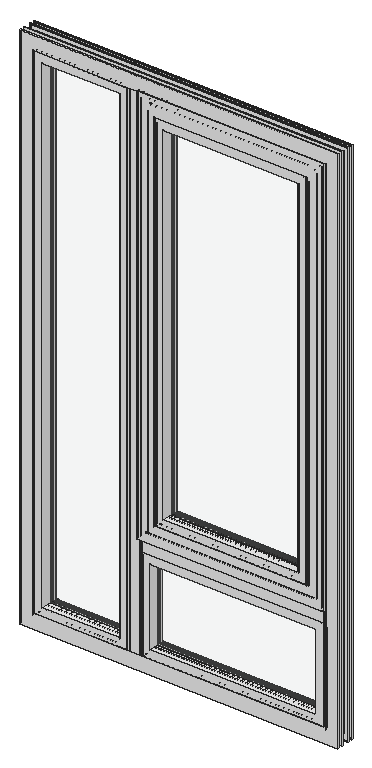
Revit family "Serene_T&T_Window_E_Custom", category Windows, host Wall, Revit 2014 (continued)
Definition of nested family "Serene_Fixed_Panel_E_Cust"
  Definition of nested family "Serene_Bead_Square_12mm"
    Lines and regions (mm)
      model lines, style "GenericModel"
        curve 1: line (22, 0, 878) -> (0, 0, 900)
        curve 2: line (578, 0, 878) -> (600, 0, 900)
        curve 3: line (578, 0, 22) -> (600, 0, 0)
        curve 4: line (22, 0, 22) -> (0, 0, 0)
    Dimensions and locks
      "Width Bead": Sweep 1 sketch curve to Sweep 1 sketch curve
      "Height Bead": Sweep 1 sketch curve to Sweep 1 sketch curve
      aligned and locked: level to plane 2
    Automatic sketch dimensions
      profile plane to Sweep 1 sketch curve = 3.909 mm
      Sweep 1 sketch curve to Sweep 1 sketch curve = 0 mm  (x4)
      Sweep 1 sketch curve to Sweep 1 sketch curve = 0.25 mm  (x2)
      Sweep 1 sketch curve to Sweep 1 sketch curve = 1.783 mm  (x2)
      Sweep 1 sketch curve to Sweep 1 sketch curve = 1.876 mm
      Sweep 1 sketch curve to Sweep 1 sketch curve = 3.076 mm
      Sweep 1 sketch curve to Sweep 1 sketch curve = 0.2 mm  (x2)
      Sweep 1 sketch curve to Sweep 1 sketch curve = 1.2 mm  (x9)
      Sweep 1 sketch curve to Sweep 1 sketch curve = 16.476 mm
      Sweep 1 sketch curve to Sweep 1 sketch curve = 2.6 mm
      Sweep 1 sketch curve to plane 1 "Center (Front/Back)" = 27.5 mm
      Sweep 1 sketch curve to Sweep 1 sketch curve = 1.7 mm
      Sweep 1 sketch curve to Sweep 1 sketch curve = 5.093 mm
      Sweep 1 sketch curve to Sweep 1 sketch curve = 6 mm
      Sweep 1 sketch curve to Sweep 1 sketch curve = 0.267 mm
      Sweep 1 sketch curve to Sweep 1 sketch curve = 0.433 mm
      Sweep 1 sketch curve to Sweep 1 sketch curve = 10.8 mm
      Sweep 1 sketch curve to Sweep 1 sketch curve = 0.5 mm
      Sweep 1 sketch curve to Sweep 1 sketch curve = 0.907 mm
      Sweep 1 sketch curve to Sweep 1 sketch curve = 2.093 mm
      Sweep 1 sketch curve to Sweep 1 sketch curve = 15 mm
      curve 1 to Sweep 1 = 0 mm  (x4)
      curve 4 to Sweep 1 = 0 mm  (x3)
      Sweep 1 to curve 4 = 0 mm
      curve 3 to Sweep 1 = 0 mm  (x3)
      curve 2 to Sweep 1 = 0 mm  (x4)
      Sweep 1 to curve 3 = 0 mm
      Sweep 1 sketch curve to plane 3 "Center (Left/Right)" = 0 mm
      Sweep 1 sketch curve to level = 0 mm
  Definition of nested family "Serene_Bead_D_Glazing_Square"
    Parameters (values of type "Serene_Bead_D_Glazing_Square")
      Width Bead [instance] = 900 mm
      Profile Material [instance] = none
      Height Bead [instance] = 1320 mm
    Reference planes
      plane 1 "Center (Front/Back)": y = 0
      plane 2: z = 0
      plane 3 "Center (Left/Right)": x = 0
    Forms (mm)
      Sweep 1, solid, material <- "Profile Material"
        path origin (0, 0, 0) x (1, 0, 0) y (0, 0, 1)
          loop
            line (0, 0) -> (900, 0) -> (900, 1320) -> (0, 1320) -> (0, 0)
        profile origin (450, 0, 0) x (0, 0, 1) y (0, -1, 0)
          loop
            line (22, -16.5) -> (22, 0) -> (0, 0) -> (0, -1.2) -> (1.2, -1.2) -> (1.2, -4.2) -> (-1.876, -4.2) -> (-1.876, -3.293) -> (-3.909, -4.467)
            arc (-3.909, -4.467) -> (-4.142, -5.029) -> (-3.659, -5.4) r 0.5
            line (-3.659, -5.4) -> (1.4, -5.4)
            arc (1.4, -5.4) -> (2.107, -5.107) -> (2.4, -4.4) r 1
            line (2.4, -4.4) -> (2.4, -1.2) -> (20.8, -1.2) -> (20.8, -12.4) -> (14.6, -12.4) -> (0, -16.7) -> (-3.659, -16.7)
            arc (-3.659, -16.7) -> (-4.142, -17.071) -> (-3.909, -17.633) r 0.5
            line (-3.909, -17.633) -> (-1.876, -18.807) -> (-1.876, -17.9) -> (0.173, -17.9) -> (14.6, -13.651) -> (14.6, -16.5) -> (17, -16.5) -> (17, -15.3) -> (15.8, -15.3) -> (15.8, -13.6) -> (20.8, -13.6) -> (20.8, -15.3) -> (19.6, -15.3) -> (19.6, -16.5) -> (22, -16.5)
    Lines and regions (mm)
      model lines, style "GenericModel"
        curve 1: line (22, 0, 1298) -> (0, 0, 1298)
        curve 2: line (878, 0, 1298) -> (900, 0, 1298)
        curve 3: line (878, 0, 22) -> (900, 0, 22)
        curve 4: line (22, 0, 22) -> (0, 0, 22)
    Dimensions and locks
      "Width Bead": Sweep 1 sketch curve to Sweep 1 sketch curve
      "Height Bead": Sweep 1 sketch curve to Sweep 1 sketch curve
      aligned and locked: level to plane 2
    Automatic sketch dimensions
      profile plane to Sweep 1 sketch curve = 3.909 mm  (x2)
      Sweep 1 sketch curve to Sweep 1 sketch curve = 0.25 mm  (x2)
      Sweep 1 sketch curve to Sweep 1 sketch curve = 2.033 mm
      Sweep 1 sketch curve to Sweep 1 sketch curve = 1.783 mm
      Sweep 1 sketch curve to Sweep 1 sketch curve = 1.876 mm  (x2)
      Sweep 1 sketch curve to Sweep 1 sketch curve = 0.173 mm
      Sweep 1 sketch curve to Sweep 1 sketch curve = 1.2 mm  (x9)
      Sweep 1 sketch curve to Sweep 1 sketch curve = 0.2 mm
      Sweep 1 sketch curve to Sweep 1 sketch curve = 12.2 mm
      Sweep 1 sketch curve to Sweep 1 sketch curve = 0 mm  (x4)
      Sweep 1 sketch curve to Sweep 1 sketch curve = 2.6 mm
      Sweep 1 sketch curve to plane 1 "Center (Front/Back)" = 18.807 mm
      Sweep 1 sketch curve to Sweep 1 sketch curve = 0.907 mm  (x2)
      Sweep 1 sketch curve to Sweep 1 sketch curve = 0.267 mm
      Sweep 1 sketch curve to Sweep 1 sketch curve = 0.433 mm
      Sweep 1 sketch curve to plane 1 "Center (Front/Back)" = 16.5 mm
      Sweep 1 sketch curve to Sweep 1 sketch curve = 1.649 mm
      Sweep 1 sketch curve to Sweep 1 sketch curve = 1.7 mm
      Sweep 1 sketch curve to Sweep 1 sketch curve = 1.251 mm
      Sweep 1 sketch curve to Sweep 1 sketch curve = 11.3 mm
      Sweep 1 sketch curve to Sweep 1 sketch curve = 0.5 mm
      Sweep 1 sketch curve to Sweep 1 sketch curve = 0.7 mm
      Sweep 1 sketch curve to Sweep 1 sketch curve = 3 mm
      curve 1 to Sweep 1 = 0 mm  (x3)
      curve 4 to Sweep 1 = 0 mm  (x2)
      Sweep 1 to curve 4 = 0 mm
      curve 3 to Sweep 1 = 0 mm  (x2)
      curve 2 to Sweep 1 = 0 mm  (x2)
      Sweep 1 to curve 3 = 0 mm
      Sweep 1 to curve 2 = 0 mm
      Sweep 1 sketch curve to plane 3 "Center (Left/Right)" = 0 mm
      Sweep 1 sketch curve to level = 0 mm
  Definition of nested family "Serene_Single_Glazing_Fixed_E_Cust"
    Parameters (values of type "Single_Glazing_Fixed")
      Glazing Width [instance] = 900 mm
      Glazing Height [instance] = 1500 mm
      Glazing Thickness SG [instance] = 4 mm
      Glazing Material [instance] = Glass
    Reference planes
      plane 1 "Center (Front/Back)": y = 0
      plane 2: z = 0
      plane 3 "Center (Left/Right)": x = 0
    Forms (mm)
      Extrusion 1, solid, material "Glass" <- "Glazing Material"
        sketch origin (0, 0, 0) x (1, 0, 0) y (0, 0, 1)
          loop
            line (0, 0) -> (0, 1500) -> (-900, 1500) -> (-900, 0) -> (0, 0)
        from 0 to 4 <- "Glazing Thickness SG"
    Dimensions and locks
      "Glazing Width": plane 3 "Center (Left/Right)" to Extrusion 1 sketch curve
      "Glazing Height": Extrusion 1 sketch curve to level
      aligned and locked: level to plane 2
      aligned and locked: Extrusion 1 sketch curve to plane 3 "Center (Left/Right)"
      aligned and locked: level to Extrusion 1 sketch curve
  Definition of nested family "Serene_Double_Glazing_Fixed_E_Cust"
    Parameters (values of type "Double_Glazing_Fixed")
      Glazing Width [instance] = 600 mm
      Glazing Height [instance] = 600 mm
      Glazing Thickness DG [instance] = 4 mm
      Glazing Material [instance] = Glass
      Double Glazing Gasket Thickness [instance] = 12 mm
      Double Glazing Gasket Material [instance] = none
    Reference planes
      plane 1 "Center (Front/Back)": y = 0
      plane 2: z = 0
      plane 3 "Center (Left/Right)": x = 0
    Forms (mm)
      Extrusion 1, solid, material "Glass" <- "Glazing Material"
        sketch origin (0, 0, 0) x (1, 0, 0) y (0, 0, 1)
          loop
            line (0, 0) -> (0, 600) -> (-600, 600) -> (-600, 0) -> (0, 0)
        from 0 to 4 <- "Glazing Thickness DG"
      Extrusion 2, solid, material <- "Double Glazing Gasket Material"
        sketch origin (0, -4, 0) x (1, 0, 0) y (0, 0, 1)
          loop
            line (-600, 600) -> (-600, 0) -> (0, 0) -> (0, 600) -> (-600, 600)
          loop
            line (-592, 8) -> (-8, 8) -> (-8, 592) -> (-592, 592) -> (-592, 8)
        from 0 to 12 <- "Double Glazing Gasket Thickness"
      Extrusion 3, solid, material "Glass" <- "Glazing Material"
        sketch origin (0, -16, 0) x (1, 0, 0) y (0, 0, 1)
          loop
            line (-600, 600) -> (-600, 0) -> (0, 0) -> (0, 600) -> (-600, 600)
        from 0 to 4 <- "Glazing Thickness DG"
    Dimensions and locks
      "Glazing Width": plane 3 "Center (Left/Right)" to Extrusion 1 sketch curve
      "Glazing Height": Extrusion 1 sketch curve to level
      aligned and locked: level to plane 2
      aligned and locked: Extrusion 1 sketch curve to plane 3 "Center (Left/Right)"
      aligned and locked: level to Extrusion 1 sketch curve
      aligned and locked: Extrusion 2 sketch curve to Extrusion 1  (x4)
      aligned and locked: Extrusion 3 sketch curve to Extrusion 2  (x4)
    Automatic sketch dimensions
      Extrusion 2 sketch curve to Extrusion 1 = 8 mm  (x4)
Definition of nested family "Serene_Transom_44mm_Flat_E_Cust"
  Parameters (values of type "Serene_Transom_44mm_Flat")
    Profile Material [instance] = none
    Length Transom [instance] = 250 mm
    Length Cut = 22 mm  # constant formula
  Reference planes
    plane 1 "Center (Front/Back)": y = 0
    plane 2: z = 0
    plane 3 "Center (Left/Right)": x = 0
  Forms (mm)
    Extrusion 1, solid, material <- "Profile Material"
      sketch origin (0, 0, 0) x (0, 1, 0) y (0, 0, 1)
        loop
          line (15.982, 319.501) -> (57.682, 319.501) -> (57.682, 346.701) -> (15.982, 346.701) -> (15.982, 319.501)
        loop
          line (59.182, 375.101) -> (54.979, 375.101) -> (54.979, 372.601) -> (56.179, 372.601) -> (56.179, 373.801) -> (57.683, 373.801) -> (57.683, 368.601) -> (56.179, 368.601) -> (56.179, 369.801) -> (54.979, 369.801) -> (54.979, 367.301) -> (57.682, 367.301) -> (57.682, 348.101) -> (50.38, 348.101) -> (50.38, 353.101) -> (47.436, 353.101) -> (46.269, 351.601) -> (49.08, 351.601) -> (49.08, 348.101) -> (35.58, 348.101) -> (35.58, 351.601) -> (40.89, 351.601) -> (39.724, 353.101) -> (33.287, 353.101) -> (32.297, 351.101) -> (33.98, 351.101) -> (33.98, 348.101) -> (15.98, 348.101) -> (15.98, 351.101) -> (18.662, 351.101) -> (17.673, 353.101) -> (14.48, 353.101) -> (14.48, 313.1) -> (17.673, 313.1) -> (18.662, 315.1) -> (15.98, 315.1) -> (15.98, 318.1) -> (33.98, 318.1) -> (33.98, 315.1) -> (32.297, 315.1) -> (33.287, 313.1) -> (39.724, 313.1) -> (40.89, 314.6) -> (35.58, 314.6) -> (35.58, 318.1) -> (49.08, 318.1) -> (49.08, 314.6) -> (46.269, 314.6) -> (47.436, 313.1) -> (50.38, 313.1) -> (50.38, 318.1) -> (57.682, 318.1) -> (57.682, 298.901) -> (54.979, 298.901) -> (54.979, 296.401) -> (56.179, 296.401) -> (56.179, 297.601) -> (57.683, 297.601) -> (57.683, 292.401) -> (56.179, 292.401) -> (56.179, 293.601) -> (54.979, 293.601) -> (54.979, 291.101) -> (59.182, 291.101) -> (59.182, 375.101)
      from 0 to 250 <- "Length Transom"
    Extrusion 2, void
      sketch origin (250, 0, 0) x (0, -1, 0) y (0, 0, 1)
        loop
          line (-54.979, 375.101) -> (-59.182, 375.101) -> (-59.182, 291.101) -> (-54.979, 291.101) -> (-54.979, 375.101)
      from 0 to 22 <- "Length Cut"
    Extrusion 3, void
      sketch origin (0, 0, 0) x (0, 1, 0) y (0, 0, 1)
        loop
          line (59.182, 375.101) -> (54.979, 375.101) -> (54.979, 291.101) -> (59.182, 291.101) -> (59.182, 375.101)
      from 0 to 22 <- "Length Cut"
  Cuts and joins
    Extrusion 2, Extrusion 3 cuts Extrusion 1
  Dimensions and locks
    aligned and locked: level to plane 2
Definition of nested family "Serene_Single_Glazing_Tilt_&_Turn_E_Cust"
  Parameters (values of type "Single_Glazing_Tilt_&_Turn")
    Tilt [instance] = yes
    Right Hinged [instance] = yes
    Left Hinged [instance] = yes
    Half Width [instance] = Glazing Width / 2  # 450 mm
    Half Height [instance] = Glazing Height / 2  # 750 mm
    Glazing Width [instance] = 900 mm
    Glazing Height [instance] = 1500 mm
    Glazing Thickness SG [instance] = 4 mm
    Glazing Material [instance] = Glass
    Glazing Bead Gap = 21.8 mm  # constant formula
  Reference planes
    plane 1 "Center (Front/Back)": y = 0
    plane 2: z = 0
    plane 3 "Center (Left/Right)": x = 0
  Forms (mm)
    Extrusion 1, solid, material "Glass" <- "Glazing Material"
      sketch origin (0, 0, 0) x (1, 0, 0) y (0, 0, 1)
        loop
          line (0, 0) -> (0, 1500) -> (-900, 1500) -> (-900, 0) -> (0, 0)
      from 0 to 4 <- "Glazing Thickness SG"
  Lines and regions (mm)
    model lines, style "GenericModelHiddenLines", visible <- "Left Hinged"
      curve 1: line (-878.2, 0, 1478.2) -> (-21.8, 0, 750)
      curve 2: line (-21.8, 0, 750) -> (-878.2, 0, 21.8)
    model lines, style "GenericModelHiddenLines", visible <- "Right Hinged"
      curve 3: line (-21.8, 0, 1478.2) -> (-878.2, 0, 750)
      curve 4: line (-878.2, 0, 750) -> (-21.8, 0, 21.8)
    model lines, style "GenericModelHiddenLines", visible <- "Tilt"
      curve 5: line (-878.2, 0, 21.8) -> (-450, 0, 1478.2)
      curve 6: line (-450, 0, 1478.2) -> (-21.8, 0, 21.8)
  Dimensions and locks
    "Glazing Width": plane 3 "Center (Left/Right)" to Extrusion 1 sketch curve
    "Glazing Height": Extrusion 1 sketch curve to level
    "Glazing Bead Gap": curve 2 to Extrusion 1
    "Glazing Bead Gap": Extrusion 1 to curve 2  (x2)
    "Glazing Bead Gap": Extrusion 1 to curve 4  (x2)
    "Glazing Bead Gap": curve 4 to Extrusion 1
    "Glazing Bead Gap": Extrusion 1 to curve 3  (x2)
    "Glazing Bead Gap": Extrusion 1 to curve 1  (x2)
    "Half Height": curve 4 to Extrusion 1
    "Half Height": curve 2 to Extrusion 1
    "Glazing Bead Gap": Extrusion 1 to curve 6
    "Half Width": plane 3 "Center (Left/Right)" to curve 6
    aligned and locked: level to plane 2
    aligned and locked: Extrusion 1 sketch curve to plane 3 "Center (Left/Right)"
    aligned and locked: level to Extrusion 1 sketch curve
Definition of nested family "Serene_Single_Glazing_Fixed_E_Cust"
  Parameters (values of type "Single_Glazing_Fixed")
    Glazing Width [instance] = 900 mm
    Glazing Height [instance] = 1500 mm
    Glazing Thickness SG [instance] = 4 mm
    Glazing Material [instance] = Glass
  Reference planes
    plane 1 "Center (Front/Back)": y = 0
    plane 2: z = 0
    plane 3 "Center (Left/Right)": x = 0
  Forms (mm)
    Extrusion 1, solid, material "Glass" <- "Glazing Material"
      sketch origin (0, 0, 0) x (1, 0, 0) y (0, 0, 1)
        loop
          line (0, 0) -> (0, 1500) -> (-900, 1500) -> (-900, 0) -> (0, 0)
      from 0 to 4 <- "Glazing Thickness SG"
  Dimensions and locks
    "Glazing Width": plane 3 "Center (Left/Right)" to Extrusion 1 sketch curve
    "Glazing Height": Extrusion 1 sketch curve to level
    aligned and locked: level to plane 2
    aligned and locked: Extrusion 1 sketch curve to plane 3 "Center (Left/Right)"
    aligned and locked: level to Extrusion 1 sketch curve
Definition of nested family "Serene_Mullion_73mm_Decorative_E_Cust"
  Parameters (values of type "Serene_Mullion_73mm_Decorative")
    Profile Material [instance] = none
    Length Mullion [instance] = 250 mm
    Length Cut Small = 40 mm  # constant formula
    Length Cut Large = 62 mm  # constant formula
  Reference planes
    plane 1 "Center (Front/Back)": y = 0
    plane 2: z = 0
    plane 3 "Center (Left/Right)": x = 0
  Forms (mm)
    Extrusion 1, solid, material <- "Profile Material"
      sketch origin (0, 0, 0) x (1, 0, 0) y (0, 1, 0)
        loop
          line (77.052, 29.065) -> (77.052, 60.144)
          arc (77.052, 60.144) -> (74.468, 68.56) -> (67.608, 74.077) r 15
          arc (67.608, 74.077) -> (64.642, 75.915) -> (62.488, 78.661) r 10
          arc (62.488, 78.661) -> (56.97, 84.466) -> (49.252, 86.604) r 15
          line (49.252, 86.604) -> (44.549, 86.604) -> (44.549, 84.104) -> (45.749, 84.104) -> (45.749, 85.304) -> (47.253, 85.304) -> (47.253, 80.104) -> (45.749, 80.104) -> (45.749, 81.304) -> (44.549, 81.304) -> (44.549, 78.804) -> (47.252, 78.804) -> (47.252, 59.604) -> (39.95, 59.604) -> (39.95, 64.604) -> (37.006, 64.604) -> (35.839, 63.104) -> (38.65, 63.104) -> (38.65, 59.604) -> (25.15, 59.604) -> (25.15, 63.104) -> (30.46, 63.104) -> (29.294, 64.604) -> (22.857, 64.604) -> (21.867, 62.604) -> (23.55, 62.604) -> (23.55, 59.604) -> (5.55, 59.604) -> (5.55, 62.604) -> (8.232, 62.604) -> (7.243, 64.604) -> (4.05, 64.604) -> (4.05, 24.603) -> (7.243, 24.603) -> (8.232, 26.603) -> (5.55, 26.603) -> (5.55, 29.603) -> (23.55, 29.603) -> (23.55, 26.603) -> (21.867, 26.603) -> (22.857, 24.603) -> (29.294, 24.603) -> (30.46, 26.103) -> (25.15, 26.103) -> (25.15, 29.603) -> (38.65, 29.603) -> (38.65, 26.103) -> (35.839, 26.103) -> (37.006, 24.603) -> (39.95, 24.603) -> (39.95, 29.603) -> (47.252, 29.603) -> (47.252, 10.404) -> (44.549, 10.404) -> (44.549, 7.904) -> (45.749, 7.904) -> (45.749, 9.104) -> (47.253, 9.104) -> (47.253, 3.904) -> (45.749, 3.904) -> (45.749, 5.104) -> (44.549, 5.104) -> (44.549, 2.604) -> (49.252, 2.604)
          arc (49.252, 2.604) -> (56.97, 4.743) -> (62.488, 10.548) r 15
          arc (62.488, 10.548) -> (64.642, 13.293) -> (67.608, 15.132) r 10
          arc (67.608, 15.132) -> (74.468, 20.649) -> (77.052, 29.065) r 15
        loop
          line (75.652, 29.065) -> (75.652, 60.144)
          arc (75.652, 60.144) -> (73.31, 67.774) -> (67.09, 72.777) r 13.6
          arc (67.09, 72.777) -> (63.708, 74.872) -> (61.253, 78.002) r 11.4
          arc (61.253, 78.002) -> (56.034, 83.392) -> (48.752, 85.195) r 13.6
          line (48.752, 85.195) -> (48.752, 4.014)
          arc (48.752, 4.014) -> (56.034, 5.816) -> (61.253, 11.206) r 13.6
          arc (61.253, 11.206) -> (63.708, 14.336) -> (67.09, 16.432) r 11.4
          arc (67.09, 16.432) -> (73.31, 21.434) -> (75.652, 29.065) r 13.6
        loop
          line (5.552, 31.004) -> (47.252, 31.004) -> (47.252, 58.204) -> (5.552, 58.204) -> (5.552, 31.004)
      from 0 to 250 <- "Length Mullion"
    Extrusion 2, void
      sketch origin (0, 0, 250) x (0, 1, 0) y (1, 0, 0)
        loop
          line (2.604, 44.549) -> (86.604, 44.549) -> (86.604, 56.052) -> (2.604, 56.052) -> (2.604, 44.549)
      from 0 to 62 <- "Length Cut Large"
    Extrusion 3, void
      sketch origin (0, 0, 250) x (0, 1, 0) y (1, 0, 0)
        loop
          line (64.604, 4.05) -> (64.604, 44.549) -> (24.603, 44.549) -> (24.603, 4.05) -> (64.604, 4.05)
      from 0 to 40 <- "Length Cut Small"
    Extrusion 4, void
      sketch origin (0, 0, 0) x (1, 0, 0) y (0, 1, 0)
        loop
          line (44.549, 86.604) -> (44.549, 2.604) -> (56.052, 2.604) -> (56.052, 86.604) -> (44.549, 86.604)
      from 0 to 62 <- "Length Cut Large"
    Extrusion 5, void
      sketch origin (0, 0, 0) x (1, 0, 0) y (0, 1, 0)
        loop
          line (44.549, 24.603) -> (44.549, 64.604) -> (4.05, 64.604) -> (4.05, 24.603) -> (44.549, 24.603)
      from 0 to 40 <- "Length Cut Small"
  Cuts and joins
    Extrusion 2, Extrusion 3, Extrusion 4, Extrusion 5 cuts Extrusion 1
  Dimensions and locks
    aligned and locked: level to plane 2
